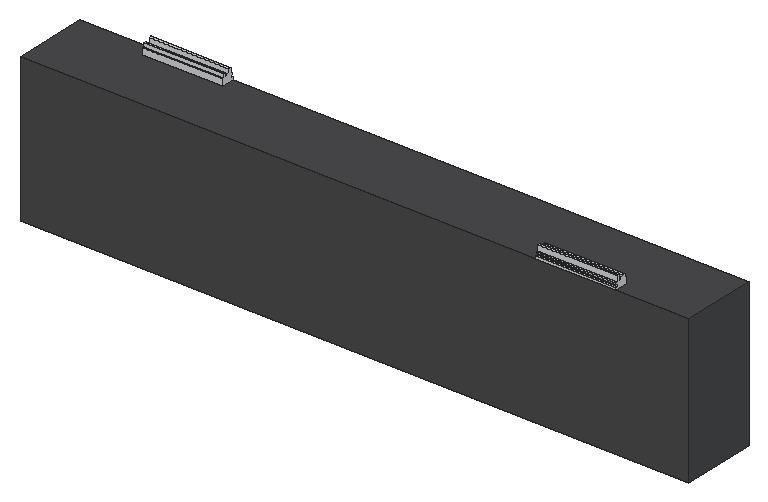
Revit family "DTM15N3.1.15", category Luminarias, Revit 2019
Family settings
  Cota de conector redondo = Diámetro de uso
  Tipo de pieza = Normal
  Se basa en plano de trabajo = Sí
  Siempre vertical = Sí
  Corte con vacíos al cargar = No
  Origen de luz = Sí
  Compartido = No
  Punto de cálculo de habitación = No
Parameters (values of type "RECTANGULAR DWN RIEL_DTM15N3.1.15")
  Ángulo de inclinación = 60.00°
  Zone [instance] = ""
  Watt per fixture = 15
  Wattage = 15 W
  built-in parameter 1150107 = 4000 (stored number, unit not read)
  built-in parameter 1150110 = 1 (stored number, unit not read)
  built-in parameter 1150109 = 1 (stored number, unit not read)
  built-in parameter 1150112 = 1 (stored number, unit not read)
  built-in parameter 1150113 = 1 (stored number, unit not read)
  built-in parameter 1114218 = 1 (stored number, unit not read)
  Keynote = ""
  built-in parameter 1150137 = (empty or 0)
  built-in parameter 1150132 = (empty or 0)
  Modelo = "DTM15N3.1.15"
  Lámpara = "3030SMD PHILIPS"
  built-in parameter 1150105 = 111.01 (stored number, unit not read)
  built-in parameter 1150102 = (empty or 0)
  built-in parameter 1150106 = 1.1101 (stored number, unit not read)
  Lumens = 1395 lm
  Color Filter = 16777215
  built-in parameter 1114217 = 1 (stored number, unit not read)
  built-in parameter 1150139 = (empty or 0)
  Fabricante = "BRILLANT"
  Default Elevation = 1219.2 mm
  built-in parameter 1150104 = 8.64 (stored number, unit not read)
  Descripción = "LUMINARIA DOWNLIGHT EN FORMATO RECTANGULAR COMPATIBLE CON RIEL DE 6 ENTRADAS Y 3 CIRCUITOS, CUERPO DE ALUMINIO ACABADO EN COLOR NEGRO, IP 20, PESO 0.78Kg, TIPO DE LED 3030SMD PHILIPS CON 15W TOTAL, 1400 LUMENES, 93LM/W, IRC 90, TEMPERATURA EN BLANCO FRIO 4000K, 50 MIL HORAS DE VIDA PROMEDIO, APERTURA DE 15 GRADOS POR PROYECTO, ALIMENTADO A 90-240V"
  built-in parameter 1150115 = 1 (stored number, unit not read)
  built-in parameter 1150114 = 1 (stored number, unit not read)
  Comentarios de vataje = "90-240V"
  built-in parameter 1150138 = (empty or 0)
  built-in parameter 1150134 = 12
  Circuit [instance] = ""
  Dimming Lamp Color Temperature Shift = (empty or 0)
  Archivo de red fotométrica = "L328A-15W-840-B-15_IESNA95.IES"
  built-in parameter 1150133 = 10 (stored number, unit not read)
Reference planes
  plane 1 "Centro (Frontal/Posterior)": y = 0
  plane 2: z = 0
  plane 3 "Centro (Izquierda/Derecha)": x = 0
Forms (mm)
  Extrusion 1, solid, material "Default Form"
    sketch origin (0, 0, 0) x (1, 0, 0) y (0, 0, 1)
      loop
        line (-164, 0) -> (-164, -72) -> (164, -72) -> (164, 0) -> (-164, 0)
    from -18.326 to 18.326
  Extrusion 2, solid
    sketch origin (0, 0, 3.217) x (0, 1, 0) y (0, 0, 1)
      loop
        line (-12.149, -3.217) -> (-12.149, 0) -> (-12.935, 0) -> (-12.935, 1.637) -> (-13.796, 1.637) -> (-13.796, 0) -> (-14.582, 0) -> (-14.582, 0.811) -> (-15.443, 0.811) -> (-15.443, 0) -> (-16.233, 0) -> (-16.233, 2.691) -> (-17.279, 2.691) -> (-17.279, 0) -> (-18.061, 0) -> (-18.061, -0.861) -> (-17.162, -0.861) -> (-17.162, -2.042) -> (-18.326, -2.042) -> (-18.326, -3.217) -> (-12.149, -3.217)
    from 89.098 to 128.24
  Blend 3, void
    base sketch origin (0, 0, 0) x (1, 0, 0) y (0, 1, 0)
      loop
        line (-162, 16.149) -> (-162, -16.149) -> (-144.14, -16.149) -> (-144.14, 16.149) -> (-162, 16.149)
    top sketch origin (0, 0, 0) x (1, 0, 0) y (0, 1, 0)
      loop
        line (-160, 12.149) -> (-160, -12.149) -> (-146.14, -12.149) -> (-146.14, 12.149) -> (-160, 12.149)
    from -72 to -61.591
  Blend 4, void
    base sketch origin (21.86, 0, 0) x (1, 0, 0) y (0, 1, 0)
      loop
        line (-162, 16.149) -> (-162, -16.149) -> (-144.14, -16.149) -> (-144.14, 16.149) -> (-162, 16.149)
    top sketch origin (21.86, 0, 0) x (1, 0, 0) y (0, 1, 0)
      loop
        line (-160, 12.149) -> (-160, -12.149) -> (-146.14, -12.149) -> (-146.14, 12.149) -> (-160, 12.149)
    from -72 to -61.591
  Blend 5, void
    base sketch origin (43.72, 0, 0) x (1, 0, 0) y (0, 1, 0)
      loop
        line (-162, 16.149) -> (-162, -16.149) -> (-144.14, -16.149) -> (-144.14, 16.149) -> (-162, 16.149)
    top sketch origin (43.72, 0, 0) x (1, 0, 0) y (0, 1, 0)
      loop
        line (-160, 12.149) -> (-160, -12.149) -> (-146.14, -12.149) -> (-146.14, 12.149) -> (-160, 12.149)
    from -72 to -61.591
  Blend 6, void
    base sketch origin (65.58, 0, 0) x (1, 0, 0) y (0, 1, 0)
      loop
        line (-162, 16.149) -> (-162, -16.149) -> (-144.14, -16.149) -> (-144.14, 16.149) -> (-162, 16.149)
    top sketch origin (65.58, 0, 0) x (1, 0, 0) y (0, 1, 0)
      loop
        line (-160, 12.149) -> (-160, -12.149) -> (-146.14, -12.149) -> (-146.14, 12.149) -> (-160, 12.149)
    from -72 to -61.591
  Blend 7, void
    base sketch origin (87.44, 0, 0) x (1, 0, 0) y (0, 1, 0)
      loop
        line (-162, 16.149) -> (-162, -16.149) -> (-144.14, -16.149) -> (-144.14, 16.149) -> (-162, 16.149)
    top sketch origin (87.44, 0, 0) x (1, 0, 0) y (0, 1, 0)
      loop
        line (-160, 12.149) -> (-160, -12.149) -> (-146.14, -12.149) -> (-146.14, 12.149) -> (-160, 12.149)
    from -72 to -61.591
  Blend 8, void
    base sketch origin (109.3, 0, 0) x (1, 0, 0) y (0, 1, 0)
      loop
        line (-162, 16.149) -> (-162, -16.149) -> (-144.14, -16.149) -> (-144.14, 16.149) -> (-162, 16.149)
    top sketch origin (109.3, 0, 0) x (1, 0, 0) y (0, 1, 0)
      loop
        line (-160, 12.149) -> (-160, -12.149) -> (-146.14, -12.149) -> (-146.14, 12.149) -> (-160, 12.149)
    from -72 to -61.591
  Blend 9, void
    base sketch origin (131.16, 0, 0) x (1, 0, 0) y (0, 1, 0)
      loop
        line (-162, 16.149) -> (-162, -16.149) -> (-144.14, -16.149) -> (-144.14, 16.149) -> (-162, 16.149)
    top sketch origin (131.16, 0, 0) x (1, 0, 0) y (0, 1, 0)
      loop
        line (-160, 12.149) -> (-160, -12.149) -> (-146.14, -12.149) -> (-146.14, 12.149) -> (-160, 12.149)
    from -72 to -61.591
  Blend 10, void
    base sketch origin (153.02, 0, 0) x (1, 0, 0) y (0, 1, 0)
      loop
        line (-162, 16.149) -> (-162, -16.149) -> (-144.14, -16.149) -> (-144.14, 16.149) -> (-162, 16.149)
    top sketch origin (153.02, 0, 0) x (1, 0, 0) y (0, 1, 0)
      loop
        line (-160, 12.149) -> (-160, -12.149) -> (-146.14, -12.149) -> (-146.14, 12.149) -> (-160, 12.149)
    from -72 to -61.591
  Blend 11, void
    base sketch origin (174.88, 0, 0) x (1, 0, 0) y (0, 1, 0)
      loop
        line (-162, 16.149) -> (-162, -16.149) -> (-144.14, -16.149) -> (-144.14, 16.149) -> (-162, 16.149)
    top sketch origin (174.88, 0, 0) x (1, 0, 0) y (0, 1, 0)
      loop
        line (-160, 12.149) -> (-160, -12.149) -> (-146.14, -12.149) -> (-146.14, 12.149) -> (-160, 12.149)
    from -72 to -61.591
  Blend 12, void
    base sketch origin (196.74, 0, 0) x (1, 0, 0) y (0, 1, 0)
      loop
        line (-162, 16.149) -> (-162, -16.149) -> (-144.14, -16.149) -> (-144.14, 16.149) -> (-162, 16.149)
    top sketch origin (196.74, 0, 0) x (1, 0, 0) y (0, 1, 0)
      loop
        line (-160, 12.149) -> (-160, -12.149) -> (-146.14, -12.149) -> (-146.14, 12.149) -> (-160, 12.149)
    from -72 to -61.591
  Blend 13, void
    base sketch origin (218.6, 0, 0) x (1, 0, 0) y (0, 1, 0)
      loop
        line (-162, 16.149) -> (-162, -16.149) -> (-144.14, -16.149) -> (-144.14, 16.149) -> (-162, 16.149)
    top sketch origin (218.6, 0, 0) x (1, 0, 0) y (0, 1, 0)
      loop
        line (-160, 12.149) -> (-160, -12.149) -> (-146.14, -12.149) -> (-146.14, 12.149) -> (-160, 12.149)
    from -72 to -61.591
  Blend 14, void
    base sketch origin (240.46, 0, 0) x (1, 0, 0) y (0, 1, 0)
      loop
        line (-162, 16.149) -> (-162, -16.149) -> (-144.14, -16.149) -> (-144.14, 16.149) -> (-162, 16.149)
    top sketch origin (240.46, 0, 0) x (1, 0, 0) y (0, 1, 0)
      loop
        line (-160, 12.149) -> (-160, -12.149) -> (-146.14, -12.149) -> (-146.14, 12.149) -> (-160, 12.149)
    from -72 to -61.591
  Blend 15, void
    base sketch origin (262.32, 0, 0) x (1, 0, 0) y (0, 1, 0)
      loop
        line (-162, 16.149) -> (-162, -16.149) -> (-144.14, -16.149) -> (-144.14, 16.149) -> (-162, 16.149)
    top sketch origin (262.32, 0, 0) x (1, 0, 0) y (0, 1, 0)
      loop
        line (-160, 12.149) -> (-160, -12.149) -> (-146.14, -12.149) -> (-146.14, 12.149) -> (-160, 12.149)
    from -72 to -61.591
  Blend 16, void
    base sketch origin (284.18, 0, 0) x (1, 0, 0) y (0, 1, 0)
      loop
        line (-162, 16.149) -> (-162, -16.149) -> (-144.14, -16.149) -> (-144.14, 16.149) -> (-162, 16.149)
    top sketch origin (284.18, 0, 0) x (1, 0, 0) y (0, 1, 0)
      loop
        line (-160, 12.149) -> (-160, -12.149) -> (-146.14, -12.149) -> (-146.14, 12.149) -> (-160, 12.149)
    from -72 to -61.591
  Blend 17, void
    base sketch origin (306.04, 0, 0) x (1, 0, 0) y (0, 1, 0)
      loop
        line (-162, 16.149) -> (-162, -16.149) -> (-144.14, -16.149) -> (-144.14, 16.149) -> (-162, 16.149)
    top sketch origin (306.04, 0, 0) x (1, 0, 0) y (0, 1, 0)
      loop
        line (-160, 12.149) -> (-160, -12.149) -> (-146.14, -12.149) -> (-146.14, 12.149) -> (-160, 12.149)
    from -72 to -61.591
  Extrusion 18, solid
    sketch origin (0, 0, 3.217) x (0, -1, 0) y (0, 0, 1)
      loop
        line (-12.149, -3.217) -> (-12.149, 0) -> (-12.935, 0) -> (-12.935, 1.637) -> (-13.796, 1.637) -> (-13.796, 0) -> (-14.582, 0) -> (-14.582, 0.811) -> (-15.443, 0.811) -> (-15.443, 0) -> (-16.233, 0) -> (-16.233, 2.691) -> (-17.279, 2.691) -> (-17.279, 0) -> (-18.061, 0) -> (-18.061, -0.861) -> (-17.162, -0.861) -> (-17.162, -2.042) -> (-18.326, -2.042) -> (-18.326, -3.217) -> (-12.149, -3.217)
    from 89.098 to 128.24
Cuts and joins
  Blend 3, Blend 4, Blend 5, Blend 6, Blend 7, Blend 8, Blend 9, Blend 10, Blend 11, Blend 12, Blend 13, Blend 14, Blend 15, Blend 16, Blend 17 cuts Extrusion 1
Dimensions and locks
  equal spacing: Extrusion 1, plane 1 "Centro (Frontal/Posterior)", Extrusion 1
  Extrusion 1 to plane 1 "Centro (Frontal/Posterior)" = 18.326 mm
  Extrusion 1 to Extrusion 1 = 36.651 mm
  Extrusion 1 to Extrusion 1 = 72 mm
  Extrusion 1 to Extrusion 1 = 328 mm
  equal spacing: group 1, group 2, group 3, group 4, group 5, group 6, group 7, group 8, group 9, group 10, group 11, group 12, group 13, group 14  (x3)
  cut or joined group 1 (Extrusion 1, Blend 3, Blend 4, Blend 5, Blend 6, Blend 7, Blend 8, Blend 9, Blend 10, Blend 11, Blend 12, Blend 13, Blend 14, Blend 15, Blend 16, Blend 17) to cut or joined group 1 = 72 mm
  cut or joined group 1 to cut or joined group 1 = 36.651 mm
  cut or joined group 1 to cut or joined group 1 = 328 mm
  equal spacing: cut or joined group 1, plane 1 "Centro (Frontal/Posterior)", cut or joined group 1
  aligned and locked: level to plane 2
Automatic sketch dimensions
  Blend 4 sketch curve to Blend 4 sketch curve = 17.86 mm
  Blend 4 sketch curve to Blend 4 sketch curve = 13.86 mm
  Blend 4 sketch curve to Blend 4 sketch curve = 32.298 mm
  Blend 4 sketch curve to Blend 4 sketch curve = 24.298 mm
  Blend 5 sketch curve to Blend 5 sketch curve = 17.86 mm
  Blend 5 sketch curve to Blend 5 sketch curve = 13.86 mm
  Blend 5 sketch curve to Blend 5 sketch curve = 32.298 mm
  Blend 5 sketch curve to Blend 5 sketch curve = 24.298 mm
  Blend 6 sketch curve to Blend 6 sketch curve = 17.86 mm
  Blend 6 sketch curve to Blend 6 sketch curve = 13.86 mm
  Blend 6 sketch curve to Blend 6 sketch curve = 32.298 mm
  Blend 6 sketch curve to Blend 6 sketch curve = 24.298 mm
  Blend 7 sketch curve to Blend 7 sketch curve = 17.86 mm
  Blend 7 sketch curve to Blend 7 sketch curve = 13.86 mm
  Blend 7 sketch curve to Blend 7 sketch curve = 32.298 mm
  Blend 7 sketch curve to Blend 7 sketch curve = 24.298 mm
  Blend 8 sketch curve to Blend 8 sketch curve = 17.86 mm
  Blend 8 sketch curve to Blend 8 sketch curve = 13.86 mm
  Blend 8 sketch curve to Blend 8 sketch curve = 32.298 mm
  Blend 8 sketch curve to Blend 8 sketch curve = 24.298 mm
  Blend 9 sketch curve to Blend 9 sketch curve = 17.86 mm
  Blend 9 sketch curve to Blend 9 sketch curve = 13.86 mm
  Blend 9 sketch curve to Blend 9 sketch curve = 32.298 mm
  Blend 9 sketch curve to Blend 9 sketch curve = 24.298 mm
  Blend 10 sketch curve to Blend 10 sketch curve = 17.86 mm
  Blend 10 sketch curve to Blend 10 sketch curve = 13.86 mm
  Blend 10 sketch curve to Blend 10 sketch curve = 32.298 mm
  Blend 10 sketch curve to Blend 10 sketch curve = 24.298 mm
  Blend 11 sketch curve to Blend 11 sketch curve = 17.86 mm
  Blend 11 sketch curve to Blend 11 sketch curve = 13.86 mm
  Blend 11 sketch curve to Blend 11 sketch curve = 32.298 mm
  Blend 11 sketch curve to Blend 11 sketch curve = 24.298 mm
  Blend 12 sketch curve to Blend 12 sketch curve = 17.86 mm
  Blend 12 sketch curve to Blend 12 sketch curve = 13.86 mm
  Blend 12 sketch curve to Blend 12 sketch curve = 32.298 mm
  Blend 12 sketch curve to Blend 12 sketch curve = 24.298 mm
  Blend 13 sketch curve to Blend 13 sketch curve = 17.86 mm
  Blend 13 sketch curve to Blend 13 sketch curve = 13.86 mm
  Blend 13 sketch curve to Blend 13 sketch curve = 32.298 mm
  Blend 13 sketch curve to Blend 13 sketch curve = 24.298 mm
  Blend 14 sketch curve to Blend 14 sketch curve = 17.86 mm
  Blend 14 sketch curve to Blend 14 sketch curve = 13.86 mm
  Blend 14 sketch curve to Blend 14 sketch curve = 32.298 mm
  Blend 14 sketch curve to Blend 14 sketch curve = 24.298 mm
  Blend 15 sketch curve to Blend 15 sketch curve = 17.86 mm
  Blend 15 sketch curve to Blend 15 sketch curve = 13.86 mm
  Blend 15 sketch curve to Blend 15 sketch curve = 32.298 mm
  Blend 15 sketch curve to Blend 15 sketch curve = 24.298 mm
  Blend 16 sketch curve to Blend 16 sketch curve = 17.86 mm
  Blend 16 sketch curve to Blend 16 sketch curve = 13.86 mm
  Blend 16 sketch curve to Blend 16 sketch curve = 32.298 mm
  Blend 16 sketch curve to Blend 16 sketch curve = 24.298 mm
  Blend 17 sketch curve to Blend 17 sketch curve = 17.86 mm
  Blend 17 sketch curve to Blend 17 sketch curve = 13.86 mm
  Blend 17 sketch curve to Blend 17 sketch curve = 32.298 mm
  Blend 17 sketch curve to Blend 17 sketch curve = 24.298 mm
  Extrusion 1 sketch curve to level = 0 mm
  Extrusion 1 sketch curve to level = 72 mm
  Extrusion 1 sketch curve to plane 3 "Centro (Izquierda/Derecha)" = 164 mm
  plane 3 "Centro (Izquierda/Derecha)" to Extrusion 1 sketch curve = 164 mm
  Blend 3 sketch curve to plane 1 "Centro (Frontal/Posterior)" = 16.149 mm
  Blend 3 sketch curve to plane 3 "Centro (Izquierda/Derecha)" = 162 mm
  Blend 3 sketch curve to Blend 3 sketch curve = 17.86 mm
  plane 1 "Centro (Frontal/Posterior)" to Blend 3 sketch curve = 16.149 mm
  Blend 3 sketch curve to plane 1 "Centro (Frontal/Posterior)" = 12.149 mm
  Blend 3 sketch curve to plane 3 "Centro (Izquierda/Derecha)" = 160 mm
  Blend 3 sketch curve to Blend 3 sketch curve = 13.86 mm
  plane 1 "Centro (Frontal/Posterior)" to Blend 3 sketch curve = 12.149 mm
  Extrusion 18 sketch curve to level = 0 mm
  level to Extrusion 18 sketch curve = 1.175 mm
  Extrusion 18 sketch curve to plane 1 "Centro (Frontal/Posterior)" = 18.326 mm
  Extrusion 18 sketch curve to Extrusion 18 sketch curve = 0.265 mm
  Extrusion 18 sketch curve to Extrusion 18 sketch curve = 0.782 mm
  Extrusion 18 sketch curve to Extrusion 18 sketch curve = 1.164 mm
  Extrusion 18 sketch curve to Extrusion 18 sketch curve = 1.046 mm
  Extrusion 18 sketch curve to Extrusion 18 sketch curve = 0.789 mm
  Extrusion 18 sketch curve to Extrusion 18 sketch curve = 0.861 mm  (x3)
  Extrusion 18 sketch curve to Extrusion 18 sketch curve = 0.786 mm
  Extrusion 18 sketch curve to Extrusion 18 sketch curve = 0.785 mm
  Extrusion 18 sketch curve to Extrusion 18 sketch curve = 1.181 mm
  level to Extrusion 18 sketch curve = 3.217 mm
  Extrusion 18 sketch curve to Extrusion 18 sketch curve = 0 mm  (x2)
  Extrusion 18 sketch curve to Extrusion 18 sketch curve = 0.811 mm
  Extrusion 18 sketch curve to Extrusion 18 sketch curve = 0.826 mm
  Extrusion 18 sketch curve to Extrusion 18 sketch curve = 1.88 mm
  Extrusion 2 sketch curve to level = 0 mm
  level to Extrusion 2 sketch curve = 1.175 mm
  plane 1 "Centro (Frontal/Posterior)" to Extrusion 2 sketch curve = 18.326 mm
  Extrusion 2 sketch curve to Extrusion 2 sketch curve = 0.265 mm
  Extrusion 2 sketch curve to Extrusion 2 sketch curve = 0.782 mm
  Extrusion 2 sketch curve to Extrusion 2 sketch curve = 0.117 mm
  Extrusion 2 sketch curve to Extrusion 2 sketch curve = 1.046 mm
  Extrusion 2 sketch curve to Extrusion 2 sketch curve = 0.789 mm
  Extrusion 2 sketch curve to Extrusion 2 sketch curve = 0.861 mm  (x3)
  Extrusion 2 sketch curve to Extrusion 2 sketch curve = 0.786 mm
  Extrusion 2 sketch curve to Extrusion 2 sketch curve = 0.785 mm
  Extrusion 2 sketch curve to Extrusion 2 sketch curve = 1.181 mm
  Extrusion 2 sketch curve to Extrusion 2 sketch curve = 3.217 mm
  Extrusion 2 sketch curve to Extrusion 2 sketch curve = 0 mm  (x2)
  Extrusion 2 sketch curve to Extrusion 2 sketch curve = 0.811 mm
  Extrusion 2 sketch curve to Extrusion 2 sketch curve = 0.826 mm
  Extrusion 2 sketch curve to Extrusion 2 sketch curve = 1.88 mm
Connectors
  electrical at (0, 0, 0)
    settings: on cut or joined group 1, index 1, voltage 240 V, apparent load 0 VA, apparent load phase1 0 VA, apparent load phase2 0 VA, apparent load phase3 0 VA, power factor 1, load classification "Otro", number of poles 1, system type 31, power factor state 1, is connector primary yes, connector utility no, sub classification motor no, connector description ""
